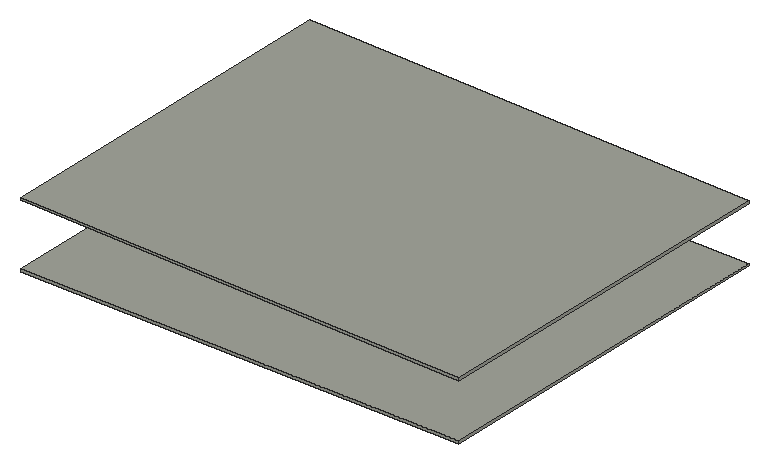
Revit family "CT_Pilotis_Lj_DuplaA2", category Structural Framing, Revit 2025
Family settings
  Display in Hidden Views = Edges Hidden by Other Members
  Structural Framing Length Roundoff = 0.000 m
  Section Shape = Not Defined
  Material for Model Behavior = Concrete
  Always export as geometry = No
  OmniClass Number = 23.25.30.11.14.14
  OmniClass Title = Beams
  Always vertical = Yes
  Cut with Voids When Loaded = No
  Symbolic Representation = From Family
  Shared = No
  Show family pre-cut in plan views = Yes
Parameters
  Structural Material [instance] = CT_Concreto
  Modulo_Andar2 = 7.380 m
  Modulo_Andar1 = 7.300 m
  H2 [instance] = 1.140 m
  Assembly Code = ""
  Length [instance] = 8.950 m
  b = 0.120 m
  h = 1.300 m
Reference planes (m)
  plane 1 "Center (Front/Back)": y = 0
  plane 2: z = 0
  plane 3 "Center (Left/Right)": x = 5.20261
  plane 4: z = 1.3
  plane 5 "Left": x = 0.72761
  plane 6 "Right": x = 9.67761
  plane 7: z = 1.14
  plane 8: y = 7.38
  plane 9: y = 3.69
Forms (m)
  Extrusion 1, solid, material "CT_Concreto" <- "Structural Material"
    sketch origin (0, 0, -0.05) x (1, 0, 0) y (0, 0, 1)
      loop
        line (0.72761, 0) -> (9.67761, 0) -> (9.67761, 0.05) -> (0.72761, 0.05) -> (0.72761, 0)
      loop
        line (0.72761, 1.35) -> (0.72761, 1.299992) -> (9.67761, 1.139992) -> (9.67761, 1.19) -> (0.72761, 1.35)
    from -7.38 to 0
Dimensions and locks (m)
  plane 2 to plane 4 = 1.300 m
  "Length": plane 5 "Left" to plane 6 "Right"
  "h": plane 4 to plane 2
  "H2": plane 7 to level
  Extrusion 1 to Extrusion 1 = 7.380 m  (x2)
  equal spacing: plane 8, plane 9, plane 1 "Center (Front/Back)"
  "Modulo_Andar2": plane 8 to plane 1 "Center (Front/Back)"
  Extrusion 1 to plane 9 to Extrusion 1 = 3.690 m, 3.690 m
  aligned and locked: plane 6 "Right" to Extrusion 1 sketch curve  (x2)
  aligned and locked: Extrusion 1 sketch curve to plane 5 "Left"
  aligned and locked: Extrusion 1 sketch curve to Extrusion 1 sketch curve
  aligned and locked: plane 1 "Center (Front/Back)" to Extrusion 1
  aligned and locked: Extrusion 1 to plane 8
  aligned and locked: Extrusion 1 to level
Automatic sketch dimensions
  Extrusion 1 sketch curve to level = 0.000 m
  Extrusion 1 sketch curve to plane 7 = 0.000 m
  Extrusion 1 sketch curve to level = 0.050 m
  Extrusion 1 sketch curve to Extrusion 1 sketch curve = 0.050008 m
  plane 4 to Extrusion 1 sketch curve = 0.050008 m
  Extrusion 1 sketch curve to plane 4 = 0.000 m
